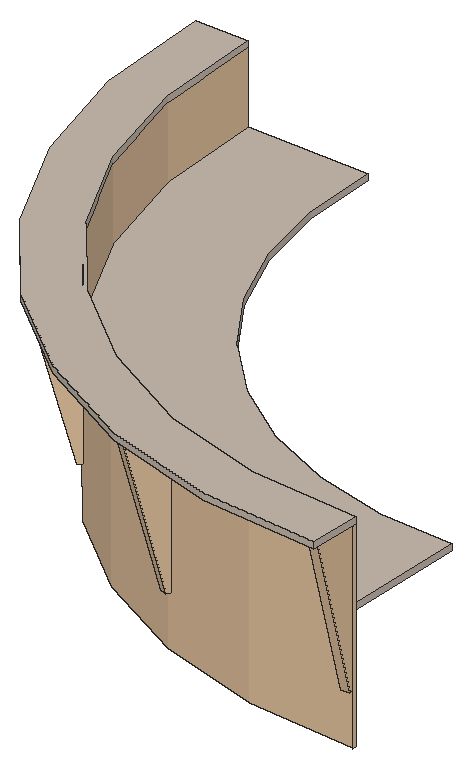
Revit family
Parameters
  Depth = 2' - 0"
  Height = 3' - 0"
  Width = 4' - 0"
Reference planes (in)
  plane 1 "Back": y = 0
  plane 2: z = 0
  plane 3 "Center (Left/Right)": x = 0.7377
  plane 4 "Left": x = -23.2623
  plane 5 "Right": x = 24.7377
  plane 6 "Front": y = -24
  plane 7 "Top": z = 36
Forms (in)
  Extrusion 1, solid, material "granite"
    sketch origin (792.63724, 353.76346, 0) x (1, 0, 0) y (0, 1, 0)
      loop
        arc (-835.3901, -250.97039) -> (-800.38129, -341.58451) -> (-709.76717, -376.59332) r 120
        line (-709.76717, -376.59332) -> (-709.76717, -348.55113)
        arc (-709.76717, -348.55113) -> (-780.5823, -321.78552) -> (-807.34791, -250.97039) r 92
        line (-807.34791, -250.97039) -> (-835.3901, -250.97039)
    from 30 to 28.5
  Extrusion 2, solid, material "granite"
    sketch origin (858.94981, 444.09766, 0) x (1, 0, 0) y (0, 1, 0)
      loop
        line (-901.70267, -341.3046) -> (-913.71526, -341.3046)
        arc (-913.71526, -341.3046) -> (-875.17915, -440.404) -> (-776.07974, -478.94011) r 132
        line (-776.07974, -478.94011) -> (-776.07974, -466.92752)
        arc (-776.07974, -466.92752) -> (-866.69387, -431.91872) -> (-901.70267, -341.3046) r 120
    from 46.5 to 48
  Extrusion 3, solid, material "Wood - Birch"
    sketch origin (769.65488, 330.7811, 0) x (1, 0, 0) y (0, 1, 0)
      loop
        arc (-686.78481, -353.61095) -> (-777.41168, -318.5894) -> (-812.406, -227.95202) r 120
        line (-812.406, -227.95202) -> (-813.15687, -227.95202)
        arc (-813.15687, -227.95202) -> (-777.94201, -319.11973) -> (-686.78481, -354.36181) r 120.75
        line (-686.78481, -354.36181) -> (-686.78481, -353.61095)
    from 0 to 46.5
  Blend 4, solid, material "Wood - Birch"
    base sketch origin (769.65488, 330.7811, 0) x (1, 0, 0) y (0, 1, 0)
      loop
        line (-777.72068, -319.33811) -> (-779.13489, -317.9239) -> (-779.842, -318.63101) -> (-778.42779, -320.04522) -> (-777.72068, -319.33811)
    top sketch origin (769.65488, 330.7811, 0) x (1, 0, 0) y (0, 1, 0)
      loop
        line (-779.13489, -317.9239) -> (-786.38274, -325.17174) -> (-784.96853, -326.58596) -> (-777.72068, -319.33811) -> (-779.13489, -317.9239)
    from 12 to 46.5
  Blend 5, solid, material "Wood - Birch"
    base sketch origin (630.66829, 576.72679, 0) x (0.92388, 0.382683, 0) y (-0.382683, 0.92388, 0)
      loop
        line (-777.72068, -319.33811) -> (-779.13489, -317.9239) -> (-779.842, -318.63101) -> (-778.42779, -320.04522) -> (-777.72068, -319.33811)
    top sketch origin (630.66829, 576.72679, 0) x (0.92388, 0.382683, 0) y (-0.382683, 0.92388, 0)
      loop
        line (-779.13489, -317.9239) -> (-786.38274, -325.17174) -> (-784.96853, -326.58596) -> (-777.72068, -319.33811) -> (-779.13489, -317.9239)
    from 12 to 46.5
  Blend 6, solid, material "Wood - Birch"
    base sketch origin (406.99549, 752.15699, 0) x (0.707107, 0.707107, 0) y (-0.707107, 0.707107, 0)
      loop
        line (-777.72068, -319.33811) -> (-779.13489, -317.9239) -> (-779.842, -318.63101) -> (-778.42779, -320.04522) -> (-777.72068, -319.33811)
    top sketch origin (406.99549, 752.15699, 0) x (0.707107, 0.707107, 0) y (-0.707107, 0.707107, 0)
      loop
        line (-779.13489, -317.9239) -> (-786.38274, -325.17174) -> (-784.96853, -326.58596) -> (-777.72068, -319.33811) -> (-779.13489, -317.9239)
    from 12 to 46.5
  Blend 7, solid, material "Wood - Birch"
    base sketch origin (556.33758, 651.81239, 0) x (0.382683, 0.92388, 0) y (-0.92388, 0.382683, 0)
      loop
        line (-777.72068, 319.33811) -> (-778.42779, 320.04522) -> (-779.842, 318.63101) -> (-779.13489, 317.9239) -> (-777.72068, 319.33811)
    top sketch origin (556.33758, 651.81239, 0) x (0.382683, 0.92388, 0) y (-0.92388, 0.382683, 0)
      loop
        line (-779.13489, 317.9239) -> (-777.72068, 319.33811) -> (-784.96853, 326.58596) -> (-786.38274, 325.17174) -> (-779.13489, 317.9239)
    from 12 to 46.5
  Blend 8, solid, material "Wood - Birch"
    base sketch origin (732.23399, 426.91849, 0) x (0.707107, 0.707107, 0) y (-0.707107, 0.707107, 0)
      loop
        line (-777.72068, 319.33811) -> (-778.42779, 320.04522) -> (-779.842, 318.63101) -> (-779.13489, 317.9239) -> (-777.72068, 319.33811)
    top sketch origin (732.23399, 426.91849, 0) x (0.707107, 0.707107, 0) y (-0.707107, 0.707107, 0)
      loop
        line (-779.13489, 317.9239) -> (-777.72068, 319.33811) -> (-784.96853, 326.58596) -> (-786.38274, 325.17174) -> (-779.13489, 317.9239)
    from 12 to 46.5
Lines and regions (in)
  model lines, style "Counter Top"
    curve 1: line (-14.71067, 102.79307, 0) -> (-42.75286, 102.79307, 0)
  model lines
    curve 2: arc (-54.76545, 102.79307, 0) -> (-16.22934, 3.69366, 0) -> (82.87007, -34.84245, 0) r 132
    curve 3: arc (-42.75286, 102.79307, 0) -> (-7.74405, 12.17895, 0) -> (82.87007, -22.82986, 0) r 120
    curve 4: line (82.87007, -22.82986, 0) -> (82.87007, 5.21233, 0)
    curve 5: arc (82.87007, 5.21233, 0) -> (12.05494, 31.97794, 0) -> (-14.71067, 102.79307, 0) r 92
    curve 6: line (-14.71067, 102.79307, 0) -> (-54.76545, 102.79307, 0)
    curve 7: line (82.87007, -22.82986, 0) -> (82.87007, -34.84245, 0)
